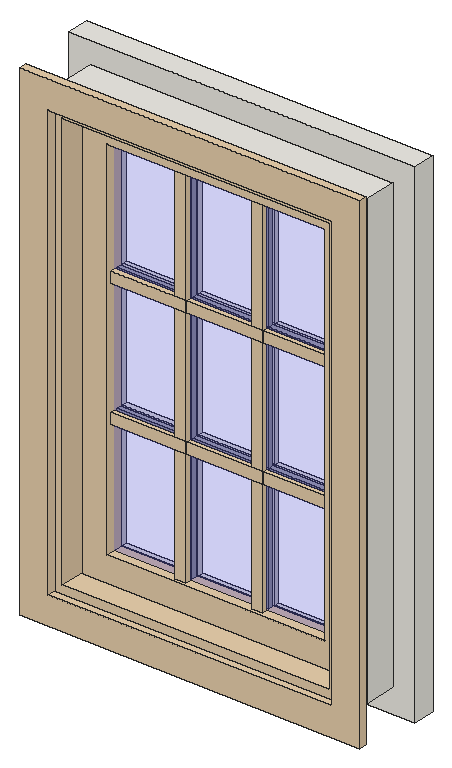
Revit family "Window-Double_Hung_Transom-Andersen-400_Series redo 3", category Windows, host Wall, Revit 2013 (continued)
Dimensions and locks (in)
  aligned and locked: plane 46 "Casing S1" to curve 1
  aligned and locked: plane 66 "Sash1 S1" to curve 14
  aligned and locked: curve 40 to plane 76 "B Stop"
  aligned and locked: curve 64 to plane 49 "Flange"
  aligned and locked: plane 6 "B Frame" to curve 64
  aligned and locked: Extrusion 12 to plane 55 "Frame S2"
  aligned and locked: plane 67 "R Sash" to curve 14
  aligned and locked: plane 74 "R Int Frame" to curve 125
  aligned and locked: plane 54 "Sash1 S2" to curve 125
  aligned and locked: plane 55 "Frame S2" to curve 125
  aligned and locked: plane 73 "L Int Frame" to curve 126
  aligned and locked: plane 54 "Sash1 S2" to curve 126
  aligned and locked: plane 76 "B Stop" to curve 129
  aligned and locked: plane 65 "Xjamb S1" to curve 126
  aligned and locked: curve 5 to plane 47 "Casing S2"
  aligned and locked: plane 46 "Casing S1" to curve 42
  aligned and locked: plane 15 "L Casing 2" to curve 2
  aligned and locked: plane 12 "L Casing 1" to curve 2
  aligned and locked: plane 47 "Casing S2" to curve 2
  aligned and locked: plane 46 "Casing S1" to curve 43
Automatic sketch dimensions
  curve 42 to curve 42 = 0' - 0 7/16"
  curve 13 to curve 13 = 0' - 1.9902"
  curve 84 to curve 82 = 0' - 0"  (x2)
  curve 84 to curve 83 = 0' - 0.33"
  curve 82 to curve 84 = 0' - 0.56543"
  curve 83 to curve 82 = 0' - 0 171/256"
  curve 104 to curve 102 = 0' - 0"  (x2)
  curve 104 to curve 103 = 0' - 0.33"
  curve 102 to curve 104 = 0' - 0.56543"
  curve 103 to curve 102 = 0' - 0 171/256"
  curve 124 to curve 122 = 0' - 0"  (x2)
  curve 124 to curve 123 = 0' - 0.33"
  curve 124 to curve 122 = 0' - 0.56543"
  curve 123 to curve 122 = 0' - 0 171/256"
  curve 61 to curve 82 = 0' - 1.2272"
  curve 61 to curve 61 = 0' - 1 5/8"
  curve 61 to curve 84 = 0' - 2.33101"
  curve 62 to curve 102 = 0' - 1.2272"
  curve 62 to curve 62 = 0' - 1 5/8"
  curve 62 to curve 104 = 0' - 2.33101"
  curve 122 to curve 63 = 0' - 1.2272"
  curve 63 to curve 63 = 0' - 1 5/8"
  curve 63 to curve 124 = 0' - 2.33101"
  curve 65 to curve 66 = 0' - 0.28358"
  curve 66 to curve 81 = 0' - 0.24235"
  curve 66 to curve 67 = 0' - 0.31842"
  curve 67 to curve 68 = 0' - 0.38472"
  curve 68 to curve 70 = 0' - 0.08797"
  curve 79 to curve 75 = 0' - 0.99309"
  curve 73 to curve 71 = 0' - 0.78872"
  curve 74 to curve 79 = 0' - 0.80717"
  curve 77 to curve 76 = 0' - 0.19082"
  curve 70 to curve 72 = 0' - 0.20927"
  curve 80 to curve 79 = 0' - 1.65112"
  curve 78 to curve 78 = 0' - 0.164"
  curve 77 to curve 76 = 0' - 0.45872"
  curve 76 to curve 75 = 0' - 0.06923"
  curve 74 to curve 73 = 0' - 0.80943"
  curve 72 to curve 72 = 0' - 0.04862"
  curve 71 to curve 70 = 0' - 0.36225"
  curve 69 to curve 69 = 0' - 0.38104"
  curve 68 to curve 67 = 0' - 0.03366"
  curve 67 to curve 66 = 0' - 0.79719"
  curve 66 to curve 65 = 0' - 0.02481"
  curve 65 to curve 65 = 0' - 0.80842"
  curve 81 to curve 80 = 0' - 0.242"
  curve 81 to curve 80 = 0' - 0.3048"
  curve 85 to curve 86 = 0' - 0.28358"
  curve 86 to curve 101 = 0' - 0.24235"
  curve 86 to curve 87 = 0' - 0.31842"
  curve 87 to curve 88 = 0' - 0.38472"
  curve 88 to curve 90 = 0' - 0.08797"
  curve 99 to curve 95 = 0' - 0.99309"
  curve 93 to curve 91 = 0' - 0.78872"
  curve 94 to curve 99 = 0' - 0.80717"
  curve 97 to curve 96 = 0' - 0.19082"
  curve 90 to curve 92 = 0' - 0.20927"
  curve 100 to curve 99 = 0' - 1.65112"
  curve 98 to curve 98 = 0' - 0.164"
  curve 97 to curve 96 = 0' - 0.45872"
  curve 96 to curve 95 = 0' - 0.06923"
  curve 94 to curve 93 = 0' - 0.80943"
  curve 92 to curve 92 = 0' - 0.04862"
  curve 91 to curve 90 = 0' - 0.36225"
  curve 89 to curve 89 = 0' - 0.38104"
  curve 88 to curve 87 = 0' - 0.03366"
  curve 87 to curve 86 = 0' - 0.79719"
  curve 86 to curve 85 = 0' - 0.02481"
  curve 85 to curve 85 = 0' - 0.80842"
  curve 101 to curve 100 = 0' - 0.242"
  curve 101 to curve 100 = 0' - 0.3048"
  curve 105 to curve 106 = 0' - 0.28358"
  curve 106 to curve 121 = 0' - 0.24235"
  curve 106 to curve 107 = 0' - 0.31842"
  curve 107 to curve 108 = 0' - 0.38472"
  curve 108 to curve 110 = 0' - 0.08797"
  curve 119 to curve 115 = 0' - 0.99309"
  curve 113 to curve 111 = 0' - 0.78872"
  curve 114 to curve 119 = 0' - 0.80717"
  curve 117 to curve 116 = 0' - 0.19082"
  curve 110 to curve 112 = 0' - 0.20927"
  curve 119 to curve 120 = 0' - 1.65112"
  curve 118 to curve 118 = 0' - 0.164"
  curve 116 to curve 117 = 0' - 0.45872"
  curve 115 to curve 116 = 0' - 0.06923"
  curve 113 to curve 114 = 0' - 0.80943"
  curve 112 to curve 112 = 0' - 0.04862"
  curve 110 to curve 111 = 0' - 0.36225"
  curve 109 to curve 109 = 0' - 0.38104"
  curve 107 to curve 108 = 0' - 0.03366"
  curve 106 to curve 107 = 0' - 0.79719"
  curve 105 to curve 106 = 0' - 0.02481"
  curve 105 to curve 105 = 0' - 0.80842"
  curve 121 to curve 120 = 0' - 0.242"
  curve 120 to curve 121 = 0' - 0.3048"
  curve 58 to plane 46 "Casing S1" = 0' - 0 1/4"
  curve 131 to curve 131 = 0' - 1.65112"
  curve 129 to curve 129 = 0' - 0.164"
  curve 128 to curve 127 = 0' - 0.45872"
  curve 128 to curve 138 = 0' - 0.52795"
  curve 137 to curve 136 = 0' - 0.80943"
  curve 136 to curve 140 = 0' - 0.04862"
  curve 139 to curve 140 = 0' - 0.36225"
  curve 143 to curve 144 = 0' - 0.38264"
  curve 144 to curve 142 = 0' - 0.03206"
  curve 142 to curve 141 = 0' - 0.79713"
  curve 132 to curve 131 = 0' - 0.3048"
  curve 137 to curve 135 = 0' - 0.122"
  curve 133 to curve 136 = 0' - 0.122"
  curve 64 to curve 141 = 0' - 0.51751"
  curve 141 to curve 146 = 0' - 0.02487"
  curve 146 to curve 146 = 0' - 0.80842"
  curve 127 to curve 136 = 0' - 0"
  curve 127 to curve 129 = 0' - 0.19082"
  curve 139 to curve 143 = 0' - 0.20915"
  curve 128 to curve 138 = 0' - 0.80717"
  curve 136 to curve 144 = 0' - 0.44224"
  curve 143 to curve 144 = 0' - 0.08834"
  curve 144 to curve 142 = 0' - 0.38643"
  curve 137 to curve 130 = 0' - 0.99309"
  curve 142 to curve 141 = 0' - 0.31778"
  curve 133 to curve 136 = 0' - 0"
  curve 127 to curve 135 = 0' - 0"
  curve 134 to curve 135 = 0' - 0.33"
  curve 131 to curve 132 = 0' - 0.242"
  curve 141 to curve 141 = 0' - 0.28422"
  curve 141 to curve 64 = 0' - 0.812"
  curve 64 to curve 64 = 0' - 1 5/8"
  curve 151 to curve 151 = 0' - 1.65112"
  curve 149 to curve 149 = 0' - 0.164"
  curve 148 to curve 147 = 0' - 0.45872"
  curve 148 to curve 158 = 0' - 0.52795"
  curve 157 to curve 156 = 0' - 0.80943"
  curve 156 to curve 160 = 0' - 0.04862"
  curve 159 to curve 160 = 0' - 0.36225"
  curve 163 to curve 164 = 0' - 0.38264"
  curve 164 to curve 162 = 0' - 0.03206"
  curve 162 to curve 161 = 0' - 0.79713"
  curve 152 to curve 151 = 0' - 0.3048"
  curve 157 to curve 155 = 0' - 0.122"
  curve 153 to curve 156 = 0' - 0.122"
  curve 44 to curve 161 = 0' - 0.51751"
  curve 161 to curve 166 = 0' - 0.02487"
  curve 166 to curve 166 = 0' - 0.80842"
  curve 147 to curve 156 = 0' - 0"
  curve 147 to curve 149 = 0' - 0.19082"
  curve 159 to curve 163 = 0' - 0.20915"
  curve 148 to curve 158 = 0' - 0.80717"
  curve 156 to curve 164 = 0' - 0.44224"
  curve 163 to curve 164 = 0' - 0.08834"
  curve 164 to curve 162 = 0' - 0.38643"
  curve 157 to curve 150 = 0' - 0.99309"
  curve 162 to curve 161 = 0' - 0.31778"
  curve 153 to curve 156 = 0' - 0"
  curve 147 to curve 155 = 0' - 0"
  curve 154 to curve 155 = 0' - 0.33"
  curve 151 to curve 152 = 0' - 0.242"
  curve 161 to curve 161 = 0' - 0.28422"
  curve 161 to curve 44 = 0' - 0.812"
  curve 44 to curve 44 = 0' - 1 5/8"
  curve 171 to curve 171 = 0' - 1.65112"
  curve 169 to curve 169 = 0' - 0.164"
  curve 168 to curve 167 = 0' - 0.45872"
  curve 168 to curve 178 = 0' - 0.52795"
  curve 177 to curve 176 = 0' - 0.80943"
  curve 176 to curve 180 = 0' - 0.04862"
  curve 179 to curve 180 = 0' - 0.36225"
  curve 183 to curve 184 = 0' - 0.38264"
  curve 184 to curve 182 = 0' - 0.03206"
  curve 182 to curve 181 = 0' - 0.79713"
  curve 172 to curve 171 = 0' - 0.3048"
  curve 177 to curve 175 = 0' - 0.122"
  curve 173 to curve 176 = 0' - 0.122"
  curve 60 to curve 181 = 0' - 0.51751"
  curve 181 to curve 186 = 0' - 0.02487"
  curve 186 to curve 186 = 0' - 0.80842"
  curve 167 to curve 176 = 0' - 0"
  curve 167 to curve 169 = 0' - 0.19082"
  curve 179 to curve 183 = 0' - 0.20915"
  curve 168 to curve 178 = 0' - 0.80717"
  curve 176 to curve 184 = 0' - 0.44224"
  curve 183 to curve 184 = 0' - 0.08834"
  curve 184 to curve 182 = 0' - 0.38643"
  curve 177 to curve 170 = 0' - 0.99309"
  curve 182 to curve 181 = 0' - 0.31778"
  curve 173 to curve 176 = 0' - 0"
  curve 167 to curve 175 = 0' - 0"
  curve 174 to curve 175 = 0' - 0.33"
  curve 171 to curve 172 = 0' - 0.242"
  curve 181 to curve 181 = 0' - 0.28422"
  curve 181 to curve 60 = 0' - 0.812"
  curve 60 to curve 60 = 0' - 1 5/8"
  curve 49 to plane 5 "L Frame" = 0' - 0.02356"
  curve 24 to plane 63 "T Masonry Opening" = 0' - 1 3/8"
  curve 59 to plane 47 "Casing S2" = 0' - 0"
  curve 23 to curve 23 = 0' - 0 3/8"
  curve 23 to curve 58 = 0' - 0 1/2"
  curve 6 to plane 22 "R Casing 1" = 0' - 0"
  curve 43 to plane 48 "Frame S1" = 0' - 0"
  curve 14 to plane 48 "Frame S1" = 0' - 0"
  curve 6 to plane 48 "Frame S1" = 0' - 0"
  curve 42 to plane 4 "R Frame" = 0' - 0"
  curve 42 to plane 48 "Frame S1" = 0' - 0"
  host wall to curve 20 = 0' - 0"
  curve 22 to plane 20 "R Stop" = 0' - 0"
  curve 20 to plane 10 "L Stop" = 0' - 0"
Nested families (in)
  nested 1: "Andersen Grille Bar" at (0, -0.5427, 65.4375) x (-1, 0, 0) z (0, 1, 0), Center Line <- "Bar Center Line", Bar Length <- "TS V Bar Length", Bar Width <- "Grille Bar Size", visible <- "TS S V", type "Andersen Grille Bar"
    with Glass / 2 0' - 0.2168", Glass 0' - 0 207/256", Center Line Length 2' - 5 11/32", Center Line 2, Bar Width 0' - 0 7/8", Bar Length 2' - 5 11/32"
  nested 2: "Andersen Grille Bar" at (0, -0.5427, 65.4375) x (0, 0, -1) z (0, 1, 0), Bar Length <- "H DLO", visible <- "TS S H", Bar Width <- "Horizontal Craftsman Bar Size", type "Andersen Grille Bar"
    with Glass / 2 0' - 0.2168", Glass 0' - 0 207/256", Center Line Length 1' - 5 11/32", Center Line 2, Bar Width 0' - 0 7/8", Bar Length 1' - 5 11/32"
  nested 3: "Andersen Grille Bar" at (3.03646, -0.5427, 65.4375) x (-1, 0, 0) z (0, 1, 0), Center Line <- "Bar Center Line", Bar Length <- "TS V Bar Length", Bar Width <- "Grille Bar Size", visible <- "TS M V", type "Andersen Grille Bar"
    with Glass / 2 0' - 0.2168", Glass 0' - 0 207/256", Center Line Length 2' - 5 11/32", Center Line 2, Bar Width 0' - 0 7/8", Bar Length 2' - 5 11/32"
  nested 4: "Andersen Grille Bar" at (0, -0.5427, 60.40104) x (0, 0, -1) z (0, 1, 0), Center Line <- "Bar Center Line", Bar Length <- "H DLO", visible <- "TS M H", Bar Width <- "Grille Bar Size", type "Andersen Grille Bar"
    with Glass / 2 0' - 0.2168", Glass 0' - 0 207/256", Center Line Length 1' - 5 11/32", Center Line 2, Bar Width 0' - 0 7/8", Bar Length 1' - 5 11/32"
  nested 5: "Andersen Grille Bar" at (-3.03646, -0.5427, 65.4375) x (-1, 0, 0) z (0, 1, 0), Center Line <- "Bar Center Line", Bar Length <- "TS V Bar Length", Bar Width <- "Grille Bar Size", visible <- "TS M V", type "Andersen Grille Bar"
    with Glass / 2 0' - 0.2168", Glass 0' - 0 207/256", Center Line Length 2' - 5 11/32", Center Line 2, Bar Width 0' - 0 7/8", Bar Length 2' - 5 11/32"
  nested 6: "Andersen Grille Bar" at (0, -0.5427, 70.47396) x (0, 0, -1) z (0, 1, 0), Center Line <- "Bar Center Line", Bar Length <- "H DLO", visible <- "TS M H", Bar Width <- "Grille Bar Size", type "Andersen Grille Bar"
    with Glass / 2 0' - 0.2168", Glass 0' - 0 207/256", Center Line Length 1' - 5 11/32", Center Line 2, Bar Width 0' - 0 7/8", Bar Length 1' - 5 11/32"
  nested 7: "Andersen Grille Bar" at (0, -0.5427, 65.4375) x (0, 0, -1) z (0, 1, 0), Bar Length <- "H DLO", visible <- "TS S H Craftsman", Bar Width <- "Grille Bar Size", type "Andersen Grille Bar"
    with Glass / 2 0' - 0.2168", Glass 0' - 0 207/256", Center Line Length 1' - 5 11/32", Center Line 2, Bar Width 0' - 0 7/8", Bar Length 1' - 5 11/32"
Definition of nested family "Andersen Grille Bar"
  Parameters (values of type "Andersen Grille Bar")
    Interior Bar Visibility = yes
    Interior Bar Material = none
    Glass / 2 [instance] = (Glass / 2) - 0' 0 3/16"  # 0' - 0 1/8"
    Glass [instance] = 0' - 0 5/8"
    Exterior Bar Visibility = yes
    Exterior Bar Finish = none
    Default Elevation = 4' - 0"
    Center Line Length [instance] = if(Center Line = 1, Bar Length + (Bar Width / 2), Bar Length)  # 0' - 4 7/16"
    Center Line [instance] = 1
    Between Glass Bar Visibility = yes
    Between Glass Bar Finish = none
    Bar Width [instance] = 0' - 0 7/8"
    Bar Length [instance] = 0' - 4"
  Reference planes (in)
    plane 1 "Center (Front/Back)": y = 0
    plane 2 "a": z = 0
    plane 3 "Center (Left/Right)": x = 0
    plane 4 "1": x = -0.4375
    plane 5 "2": x = 0.4375
    plane 6: y = 2
    plane 7: y = -2
    plane 8 "b": z = -0.625
    plane 9: z = -0.125
    plane 10: y = -2.4375
    plane 11 "a1": z = 12
    plane 12 "a2": z = -12
  Forms (in)
    Extrusion 1, solid
      sketch origin (0, 0, 0) x (1, 0, 0) y (0, 1, 0)
        loop
          line (-48, 48) -> (-48, -48) -> (48, -48) -> (48, 48) -> (-48, 48)
      from 0 to -12
    Extrusion 2, solid, material <- "Exterior Bar Finish", visible <- "Exterior Bar Visibility", detail levels fine
      sketch origin (0, 0, 0) x (1, 0, 0) y (0, 1, 0)
        loop
          line (-0.4375, 2) -> (-0.4375, -2) -> (0.4375, -2) -> (0.4375, 2) -> (-0.4375, 2)
      from 0 to 0.375
    Extrusion 3, solid, material <- "Between Glass Bar Finish", visible <- "Between Glass Bar Visibility", detail levels fine
      sketch origin (0, 0, 0) x (1, 0, 0) y (0, 1, 0)
        loop
          line (-0.4375, 2) -> (-0.4375, -2) -> (0.4375, -2) -> (0.4375, 2) -> (-0.4375, 2)
      from -0.5 to -0.125
    Extrusion 4, solid, material <- "Interior Bar Material", visible <- "Interior Bar Visibility", detail levels fine
      sketch origin (0, 0, 0) x (1, 0, 0) y (0, 1, 0)
        loop
          line (-0.4375, 2) -> (-0.4375, -2) -> (0.4375, -2) -> (0.4375, 2) -> (-0.4375, 2)
      from -1 to -0.625
  Lines and regions (in)
    model lines, style "GenericModel", detail levels coarse+medium
      curve 1: line (0, 2, 0) -> (0, -2.4375, 0)
    symbolic lines, style "GenericModel", detail levels coarse+medium
      curve 2: line (0, 2, 12) -> (0, -2.4375, 12)
      curve 3: line (0, 2, -12) -> (0, -2.4375, -12)
    model lines, style "InvisibleLines", not visible, detail levels coarse
      curve 4: line (0, 0, 12) -> (0, 0, -12)
    symbolic lines, detail levels fine
      curve 5: line (-0.4375, 2, 0) -> (-0.4375, -2, 0)
      curve 6: line (0.4375, 2, 0) -> (0.4375, -2, 0)
  Dimensions and locks (in)
    "Glass": plane 2 "a" to plane 8 "b"
    "Glass / 2": plane 2 "a" to plane 9
    locked: Extrusion 2 to Extrusion 2 at 0.375
    locked: plane 9 to Extrusion 3 at 0.375
    locked: plane 8 "b" to Extrusion 4 at 0.375
    equal spacing: plane 4 "1", plane 3 "Center (Left/Right)", plane 5 "2"
    equal spacing: plane 6, plane 1 "Center (Front/Back)", plane 7
    "Bar Width": plane 4 "1" to plane 5 "2"
    "Bar Length": plane 6 to plane 7
    "Center Line Length": plane 6 to plane 10
    locked: plane 11 "a1" to plane 2 "a" at 12
    locked: plane 2 "a" to plane 12 "a2" at 12
    aligned and locked: plane 2 "a" to Extrusion 1
    aligned and locked: level to Extrusion 1
    aligned and locked: Extrusion 2 to plane 2 "a"
    aligned and locked: Extrusion 2 to plane 4 "1"
    aligned and locked: plane 5 "2" to Extrusion 2
    aligned and locked: plane 6 to Extrusion 2
    aligned and locked: Extrusion 2 to plane 7
    aligned and locked: plane 9 to Extrusion 3
    aligned and locked: Extrusion 3 to plane 4 "1"
    aligned and locked: plane 5 "2" to Extrusion 3
    aligned and locked: plane 6 to Extrusion 3
    aligned and locked: Extrusion 3 to plane 7
    aligned and locked: plane 8 "b" to Extrusion 4
    aligned and locked: Extrusion 4 to plane 4 "1"
    aligned and locked: plane 5 "2" to Extrusion 4
    aligned and locked: plane 6 to Extrusion 4
    aligned and locked: Extrusion 4 to plane 7
    aligned and locked: plane 6 to curve 1
    aligned and locked: plane 10 to curve 1
    aligned and locked: curve 1 to plane 3 "Center (Left/Right)"
    aligned and locked: plane 6 to curve 2
    aligned and locked: plane 10 to curve 2
    aligned and locked: curve 2 to plane 3 "Center (Left/Right)"
    aligned and locked: plane 6 to curve 3
    aligned and locked: plane 10 to curve 3
    aligned and locked: curve 3 to plane 3 "Center (Left/Right)"
    aligned and locked: plane 11 "a1" to curve 4
    aligned and locked: plane 12 "a2" to curve 4
    aligned and locked: curve 4 to plane 1 "Center (Front/Back)"
    aligned and locked: plane 6 to curve 5
    aligned and locked: plane 6 to curve 6
    aligned and locked: plane 7 to curve 6
    aligned and locked: plane 7 to curve 5
    aligned and locked: curve 5 to plane 4 "1"
    aligned and locked: curve 6 to plane 5 "2"
  Automatic sketch dimensions
    Extrusion 1 sketch curve to Extrusion 1 sketch curve = 8' - 0"  (x2)
    plane 7 to Extrusion 2 sketch curve = 0' - 0"
    Extrusion 2 sketch curve to plane 5 "2" = 0' - 0 7/8"
    Extrusion 2 sketch curve to plane 6 = 0' - 0"
    Extrusion 2 sketch curve to Extrusion 2 sketch curve = 0' - 0 7/8"
    plane 7 to Extrusion 3 sketch curve = 0' - 0"
    Extrusion 3 sketch curve to plane 5 "2" = 0' - 0 7/8"
    Extrusion 3 sketch curve to plane 6 = 0' - 0"
    Extrusion 3 sketch curve to Extrusion 3 sketch curve = 0' - 0 7/8"
    Extrusion 4 sketch curve to plane 7 = 0' - 0"
    Extrusion 4 sketch curve to plane 5 "2" = 0' - 0 7/8"
    Extrusion 4 sketch curve to plane 6 = 0' - 0"
    Extrusion 4 sketch curve to Extrusion 4 sketch curve = 0' - 0 7/8"
